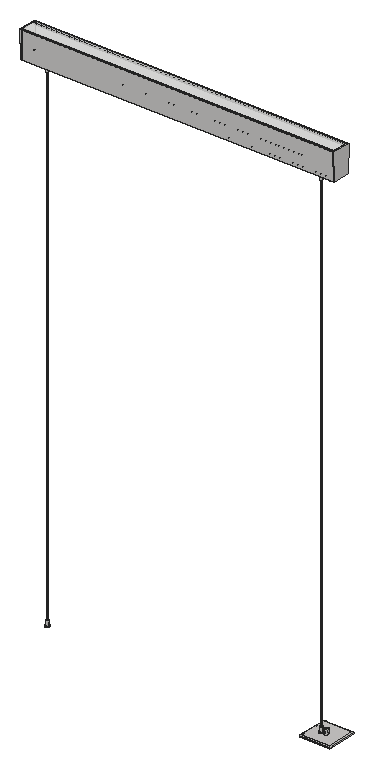
Revit family "CLighting-Luminii-Vesta_1_Direct", category Lighting Fixtures, host Face, Revit 2020
Family settings
  Host = Face
  Round Connector Dimension = Use Diameter
  Part Type = Normal
  OmniClass Number = 23.80.70.11.14.21
  OmniClass Title = Spots and Tracklight Specialties
  Cut with Voids When Loaded = No
  Light Source = Yes
  Shared = Yes
  Room Calculation Point = No
Parameters (values of type "45.5" (B)")
  Width = 2.55906"  # constant formula
  Wattage Comments = "3.8W"
  Wattage = 3.8 W
  Warranty URL = "https://www.luminii.com/terms-conditions/"
  built-in parameter 1150110 = 1 (stored number, unit not read)
  Voltage Comments = "120V | 277V | 347V"  # constant formula
  Voltage = 120 V
  Version = "2020 - v1.0a"  # constant formula
  URL = "https://www.luminii.com/"
  built-in parameter 1114217 = 1 (stored number, unit not read)
  Tilt Angle = 90.00°  # constant formula
  built-in parameter 1150109 = 1 (stored number, unit not read)
  built-in parameter 1150134 = (empty or 0)
  built-in parameter 1150113 = 1 (stored number, unit not read)
  Support Phone = "224-699-9545"  # constant formula
  Support Email = "mailto:support@bimsmith.com"
  Right Feed Point [instance] = yes
  Right Cap [instance] = yes
  Product Page URL = "https://www.luminii.com/product/vesta-1/"
  Power Source Type = "Driver"  # constant formula
  Power Factor = 1
  Photometric Web File = "354-90-4-35-0B-XX-00-04.ies"
  Phase = 1
  Operating Temperature = "Consult Manufacturer Website for more Information"  # constant formula
  Number of Poles = if(and(or(Voltage = 120 V, Voltage = 277 V), Phase = 1), 1, if(and(or(Voltage = 208 V, Voltage = 240 V), Phase = 1), 2, if(and(or(Voltage = 208 V, Voltage = 240 V), Phase = 3), 3, if(and(Voltage > 300 V, Phase = 1), 2, if(and(Voltage > 400 V, Phase = 3), 3, 1)))))  # 1
  Mounting Method = "Ceiling Mount"  # constant formula
  Model = "Consult Manufacturer Website for more Information"  # constant formula
  Manufacturer Phone Number = "403-216-7043"  # constant formula
  Manufacturer Email = "mailto: info@sensolighting.com"
  Manufacturer Address = "302 50 Ave SE. Calgary, Alberta, T2G 2A9 Canada"  # constant formula
  Manufacturer = "Luminii"  # constant formula
  built-in parameter 1150105 = 51.407 (stored number, unit not read)
  Lumens = 646 lm
  Luminaire Type = "Pendant Linear LED system"  # constant formula
  built-in parameter 1150115 = 1 (stored number, unit not read)
  Load Classification = Lighting
  built-in parameter 1150137 = (empty or 0)
  built-in parameter 1150139 = (empty or 0)
  Lens Material = Plastic - Luminii - Frosted Lens
  Length Comments [instance] = "Perfomance based on 1\" Photometric Web File"  # constant formula
  Length = if(Constraints = 1, 23", if(Constraints = 2, 45 1/2", if(Constraints = 3, 68", if(Constraints = 4, 90 1/2", if(Constraints = 5, 113", if(Constraints = 6, 135 1/2", 23"))))))  # 45 1/2"
  Left Feed Point [instance] = no
  Left Cap [instance] = yes
  built-in parameter 1150112 = 1 (stored number, unit not read)
  built-in parameter 1150114 = 1 (stored number, unit not read)
  Lamp Life = 1
  Lamp = "LED"  # constant formula
  Keynote = "26 50 00"
  built-in parameter 1150132 = (empty or 0)
  built-in parameter 1150102 = (empty or 0)
  built-in parameter 1150107 = 3500 (stored number, unit not read)
  Initial Color Comments = "Perfomance based on 3500K Photometric Web File"  # constant formula
  built-in parameter 1150138 = (empty or 0)
  built-in parameter 1150106 = 0.51407 (stored number, unit not read)
  Housing Protection Rating = "Consult Manufacturer Website for more Information"  # constant formula
  Has Dimming = 1 = 1  # yes
  Has Battery Backup = 0 = 1  # no
  Frequency Comments = ""  # constant formula
  Frequency = 60 Hz
  Finish = Metal - Luminii - Silver Anodized Aluminum
  Environment = "Indoor"  # constant formula
  Emit from Rectangle Width = Length  # 45 1/2"
  Emit from Rectangle Length = Width  # 2.55906"
  Emit Shape Visible in Rendering = no
  built-in parameter 1150104 = 15.794 (stored number, unit not read)
  Dimming Type = "Consult Manufacturer Website for more Information"  # constant formula
  Dimming Lamp Color Temperature Shift = <None>
  Description = "Suspended linear system"  # constant formula
  Depth = 3.97638"  # constant formula
  Default Elevation = 0"  # constant formula
  Current Amps = 50 A
  Copyright = "©2023 Luminii"  # constant formula
  Control Zone = "Consult Manufacturer Website for more Information"  # constant formula
  Control Type = "Consult Manufacturer Website for more Information"  # constant formula
  Constraints = 2
  Color Filter = 16777215
  built-in parameter 1114216 [instance] = 0  # (empty or 0)
  Canopy Finish = Metal - Luminii - Silver Anodized Aluminum
  built-in parameter 1140040 [instance] = 1 = 1  # 1
  CCT = "3500K"
  C Right Cable [instance] = not(Right Feed Point)  # no
  C Middle Cable [instance] = Constraints > 4  # no
  C Length Mid = Length / 2  # 22 3/4"
  C Left Cable [instance] = not(Left Feed Point)  # yes
  Desired Cable Length [instance] = 72"  # constant formula
  built-in parameter 1114218 = 1 (stored number, unit not read)
  built-in parameter 1150133 = 10 (stored number, unit not read)
  Assembly Code = "D5020230"
  Apparent Load = Wattage / Power Factor  # 3.8 VA
  C Actual Cable Length [instance] = if(Desired Cable Length < 60", 60" - 0.684", if(Desired Cable Length > 120" - 0.684", 120" - 0.684", Desired Cable Length - 0.684"))  # 71.316"
Types (6): name | Wattage Comments | Wattage | Photometric Web File | built-in parameter 1150105 | Lumens | Length | built-in parameter 1150106 | Emit from Rectangle Width | Constraints | C Middle Cable | C Length Mid | Apparent Load
  45.5" (B) | "3.8W" | 3.8 W | "354-90-4-35-0B-XX-00-04.ies" | 51.407 (stored number, unit not read) | 646 lm | 45 1/2" | 0.51407 (stored number, unit not read) | 45 1/2" | 2 | no | 22 3/4" | 3.8 VA
  68" (C) | "5.7W" | 5.7 W | "354-90-4-35-0B-XX-00-06.ies" | 77.111 (stored number, unit not read) | 969 lm | 68" | 0.77111 (stored number, unit not read) | 68" | 3 | no | 34" | 5.7 VA
  90.5" (D) | "9.4W" | 9.4 W | "354-90-4-35-0B-XX-00-08.ies" | 127.16 (stored number, unit not read) | 1598 lm | 90 1/2" | 1.2716 (stored number, unit not read) | 90 1/2" | 4 | no | 45 1/4" | 9.4 VA
  113" (E) | "12W" | 12 W | "354-90-4-35-0B-XX-00-08.ies" | 162.34 (stored number, unit not read) | 2040 lm | 113" | 1.6234 (stored number, unit not read) | 113" | 5 | yes | 56 1/2" | 12 VA
  135.5" (F) | "15W" | 15 W | "354-90-4-35-0B-XX-00-08.ies" | 202.92 (stored number, unit not read) | 2550 lm | 135 1/2" | 2.0292 (stored number, unit not read) | 135 1/2" | 6 | yes | 67 3/4" | 15 VA
  23'' (A) | "3.8W" | 3.8 W | "354-90-4-35-0B-XX-00-04.ies" | 51.407 (stored number, unit not read) | 646 lm | 23" | 0.51407 (stored number, unit not read) | 23" | 1 | no | 11 1/2" | 3.8 VA
Reference planes (in)
  plane 1 "Center (Front/Back)": y = 0
  plane 2: z = 0
  plane 3 "Center (Left/Right)": x = 0
  plane 4: x = -45.25
  plane 5: x = 45.25
  plane 6: y = 1.27953
  plane 7: y = -1.27953
  plane 8 "A": z = 77.52072
  plane 9: z = 32.5616
  plane 10: z = 71.316
  plane 11: z = 72.0015
  plane 12: x = -22.75
  plane 13: x = 22.75
  plane 14: x = 20
  plane 15: x = -20
Forms (in)
  Extrusion 1, solid, material "Metal - Luminii - Silver Anodized Aluminum", not visible
    sketch origin (0, 0, 0) x (1, 0, 0) y (0, 1, 0)
      loop
        circle (0, 0) r 0.5
    from 0 to -0.17225
Dimensions and locks (in)
  equal spacing: plane 4, plane 3 "Center (Left/Right)", plane 5
  equal spacing: plane 6, plane 1 "Center (Front/Back)", plane 7
  plane 4 to plane 5 = 90 1/2"
  "Width": plane 6 to plane 7
  "C Actual Cable Length": plane 10 to host face
  locked: plane 10 to plane 11 at 0.6855
  locked: plane 11 to plane 8 "A" at 5.51922
  equal spacing: plane 13, plane 3 "Center (Left/Right)", plane 12
  "Length": plane 13 to plane 12
  equal spacing: plane 13, nested 6, plane 12
  locked: plane 15 to plane 12 at 2.75
  locked: plane 14 to plane 13 at 2.75
  "C Length Mid": imposter light to plane 12
  aligned and locked: plane 2 to host face
  aligned and locked: plane 3 "Center (Left/Right)" to Extrusion 1 sketch curve
  aligned and locked: plane 1 "Center (Front/Back)" to Extrusion 1 sketch curve
  aligned and locked: plane 2 to Extrusion 1  (x2)
  aligned and locked: plane 1 "Center (Front/Back)" to nested 1
  aligned and locked: imposter light to plane 8 "A"
  aligned and locked: plane 1 "Center (Front/Back)" to nested 2
  aligned and locked: nested 3 to plane 15
  aligned and locked: nested 5 to plane 15
  aligned and locked: nested 2 to plane 14
  aligned and locked: nested 4 to plane 14
  aligned and locked: nested 1 to plane 12
  aligned and locked: plane 1 "Center (Front/Back)" to imposter light
Automatic sketch dimensions
  host sketch curve to host sketch curve = 96"  (x2)
  radius of Extrusion 1 sketch curve = 1/2"
Nested families (in)
  nested 1: "Nested - Lamp" at (0, 0, 77.52072), type "Nested - Lamp"
  nested 2: "Nested - Hanging Wire B" at (20, 0, 0), visible <- "Right Feed Point", type "Default"
    with Suspension Length 71.316"
  nested 3: "Nested - Hanging Wire B" at (-20, 0, 0) x (-1, 0, 0) z (0, 0, 1), visible <- "Left Feed Point", type "Default"
    with Suspension Length 71.316"
  nested 4: "Nested - Hanging Wire A" at (20, 0, 0), visible <- "C Right Cable", type "Default"
    with Suspension Length 71.316"
  nested 5: "Nested - Hanging Wire A" at (-20, 0, 0) x (-1, 0, 0) z (0, 0, 1), visible <- "C Left Cable", type "Default"
    with Suspension Length 71.316"
  nested 6: "Nested - Hanging Wire A" at (0, 0, 0) x (-1, 0, 0) z (0, 0, 1), visible <- "C Middle Cable", type "Default"
    with Suspension Length 71.316"
Connectors (in)
  electrical at (0, 0, 0), driven by "Number of Poles", driven by "Load Classification", driven by "Voltage", driven by "Apparent Load", driven by "Power Factor"
    settings: on Extrusion 1, index 1, voltage 120 V, apparent load 3.8 VA, apparent load phase1 0 VA, apparent load phase2 0 VA, apparent load phase3 0 VA, power factor 1, load classification "Lighting", number of poles 1, system type 30, power factor state 1, is connector primary yes, connector utility no, sub classification motor no, connector description "Power Connection"
Definition of nested family "Nested - Lamp"
  Parameters (values of type "Nested - Lamp")
    Short Module = Constraints < 5  # yes
    Screen Material = none
    Right Feed = yes
    Right Cap = yes
    Long Module = not(Short Module)  # no
    Length = if(Constraints = 1, 23", if(Constraints = 2, 45 1/2", if(Constraints = 3, 68", if(Constraints = 4, 90 1/2", if(Constraints = 5, 113", if(Constraints = 6, 135 1/2", 23"))))))  # 45 1/2"
    Left Feed = no
    Left Cap = yes
    Finish = none
    Default Elevation = 48"
    Constraints = 2
  Reference planes (in)
    plane 1 "Center (Front/Back)": y = 0
    plane 2: z = 0
    plane 3 "Center (Left/Right)": x = 0
    plane 4: x = 22.75
    plane 5: x = -22.75
    plane 6: x = 22.90625
    plane 7: x = -22.90625
  Forms (in)
    Extrusion 1, solid
      sketch origin (0, 0, 0) x (1, 0, 0) y (0, 1, 0)
        loop
          line (-48, 48) -> (-48, -48) -> (48, -48) -> (48, 48) -> (-48, 48)
      from 0 to -12
    Extrusion 2, solid, material <- "Finish", visible <- "Right Cap"
      sketch origin (0, 0, 0) x (0, 1, 0) y (0, 0, 1)
        loop
          line (1.20151, -3.97546) -> (1.28, 0) -> (-1.28, 0) -> (-1.20151, -3.97546) -> (1.20151, -3.97546)
      from 22.75 to 22.90625
    Extrusion 3, solid, material <- "Finish", visible <- "Left Cap"
      sketch origin (0, 0, 0) x (0, 1, 0) y (0, 0, -1)
        loop
          line (1.20151, 3.97546) -> (-1.20151, 3.97546) -> (-1.28, 0) -> (1.28, 0) -> (1.20151, 3.97546)
      from 22.75 to 22.90625
    Extrusion 4, solid, material <- "Finish", detail levels medium+fine
      sketch origin (0, 0, 0) x (0, 1, 0) y (0, 0, 1)
        loop
          line (-1.28, 0) -> (-1.20151, -3.97546) -> (-1.14173, -3.97546) -> (-1.14173, -3.88491) -> (-1.07874, -3.82191) -> (-1.07874, -3.63298) -> (-1.12992, -3.58179) -> (-1.12992, -3.42034) -> (-0.8937, -3.42034) -> (-0.8937, -3.58373) -> (-0.94488, -3.63491) -> (-0.94488, -3.82191) -> (-0.88973, -3.87707) -> (-0.84649, -3.87707) -> (-0.80713, -3.8377) -> (-0.80713, -3.79042) -> (-0.88583, -3.79042) -> (-0.88583, -3.67231) -> (-0.81143, -3.61525) -> (-0.84826, -3.2648) -> (-0.80695, -3.22349) -> (-0.51772, -3.22349) -> (-0.51772, -3.16443) -> (0.51772, -3.16443) -> (0.51772, -3.22349) -> (0.80695, -3.22349) -> (0.84826, -3.2648) -> (0.81143, -3.61525) -> (0.88583, -3.67231) -> (0.88583, -3.79042) -> (0.80713, -3.79042) -> (0.80713, -3.8377) -> (0.84649, -3.87707) -> (0.88973, -3.87707) -> (0.94488, -3.82191) -> (0.94488, -3.63491) -> (0.8937, -3.58373) -> (0.8937, -3.42034) -> (1.12992, -3.42034) -> (1.12992, -3.58179) -> (1.07874, -3.63298) -> (1.07874, -3.82191) -> (1.14173, -3.88491) -> (1.14173, -3.97546) -> (1.20151, -3.97546) -> (1.28, 0) -> (1.19685, 0) -> (1.19685, -0.09357) -> (1.10039, -0.09357) -> (1.05776, -0.1362) -> (1.0689, -0.19199) -> (1.21825, -0.19199) -> (1.15453, -3.34947) -> (0.94516, -3.34947) -> (0.84055, -2.85735) -> (-0.84055, -2.85735) -> (-0.94516, -3.34947) -> (-1.15453, -3.34947) -> (-1.21825, -0.19199) -> (-1.0689, -0.19199) -> (-1.05776, -0.1362) -> (-1.10039, -0.09357) -> (-1.19685, -0.09357) -> (-1.19685, 0) -> (-1.28, 0)
      from -22.75 to 22.75
    Extrusion 5, solid, material <- "Screen Material", detail levels medium+fine
      sketch origin (0, 0, 0) x (0, 1, 0) y (0, 0, 1)
        loop
          arc (-1.14173, -0.01483) -> (-1.16957, -0.02636) -> (-1.1811, -0.0542) r 0.03937
          line (-1.1811, -0.0542) -> (-1.1811, -0.09357) -> (-1.04331, -0.09357) -> (-1.04331, -0.16922) -> (-1.13498, -0.26089) -> (-1.03421, -0.36166) -> (-0.99802, -0.32547) -> (-1.0626, -0.26089) -> (-0.99213, -0.19042) -> (-0.99213, -0.09357) -> (0.99213, -0.09357) -> (0.99213, -0.19042) -> (1.0626, -0.26089) -> (0.99802, -0.32547) -> (1.03421, -0.36166) -> (1.13498, -0.26089) -> (1.04331, -0.16922) -> (1.04331, -0.09357) -> (1.1811, -0.09357) -> (1.1811, -0.0542)
          arc (1.1811, -0.0542) -> (1.16957, -0.02636) -> (1.14173, -0.01483) r 0.03937
          line (1.14173, -0.01483) -> (-1.14173, -0.01483)
      from -22.75 to 22.75
    Extrusion 6, solid, material <- "Finish", visible <- "Left Feed"
      sketch origin (0, 0, 0) x (0, 1, 0) y (0, 0, 1)
        loop
          line (0.83465, -3.86522) -> (0.79317, -3.82374) -> (0.80709, -3.77664) -> (0.88583, -3.77664) -> (0.88583, -3.67625) -> (0.81733, -3.67625) -> (0.71965, -3.78648) -> (-0.71965, -3.78648) -> (-0.81733, -3.67625) -> (-0.88583, -3.67625) -> (-0.88583, -3.77664) -> (-0.80709, -3.77664) -> (-0.79317, -3.82374) -> (-0.83465, -3.86522) -> (0.83465, -3.86522)
      from -22.75 to -19.60039
    Revolve 7, solid, material <- "Finish", visible <- "Left Feed"
      sketch origin (0, 0, 0) x (1, 0, 0) y (0, 0, 1)
        loop
          line (-21.19525, -4.71168) -> (-21.07676, -3.98333) -> (-21.07676, -3.86522) -> (-21.37222, -3.86522) -> (-21.37222, -4.71168) -> (-21.19525, -4.71168)
        axis (-21.37222, -3.86522) -> (-21.37222, -4.71168)
      angle from 0 to 360
    Revolve 8, solid, material <- "Finish", visible <- "Left Feed"
      sketch origin (0, 0, 0) x (1, 0, 0) y (0, 0, 1)
        loop
          line (-19.98474, -5.51922) -> (-19.88554, -5.51922) -> (-19.88554, -5.08522) -> (-19.79709, -5.08522) -> (-19.79709, -3.86522) -> (-19.98474, -3.86522) -> (-19.98474, -5.51922)
        axis (-19.98474, -3.86522) -> (-19.98474, -5.51922)
      angle from 0 to 360
    Extrusion 9, solid, material <- "Finish", visible <- "Right Feed"
      sketch origin (0, 0, 0) x (0, 1, 0) y (0, 0, -1)
        loop
          line (0.83465, 3.86522) -> (-0.83465, 3.86522) -> (-0.79317, 3.82374) -> (-0.80709, 3.77664) -> (-0.88583, 3.77664) -> (-0.88583, 3.67625) -> (-0.81733, 3.67625) -> (-0.71965, 3.78648) -> (0.71965, 3.78648) -> (0.81733, 3.67625) -> (0.88583, 3.67625) -> (0.88583, 3.77664) -> (0.80709, 3.77664) -> (0.79317, 3.82374) -> (0.83465, 3.86522)
      from -22.75 to -19.60039
    Revolve 10, solid, material <- "Finish", visible <- "Right Feed"
      sketch origin (0, 0, 0) x (-1, 0, 0) y (0, 0, 1)
        loop
          line (-21.19525, -4.71168) -> (-21.07676, -3.98333) -> (-21.07676, -3.86522) -> (-21.37222, -3.86522) -> (-21.37222, -4.71168) -> (-21.19525, -4.71168)
        axis (-21.37222, -3.86522) -> (-21.37222, -4.71168)
      angle from 0 to 360
    Revolve 11, solid, material <- "Finish", visible <- "Right Feed"
      sketch origin (0, 0, 0) x (-1, 0, 0) y (0, 0, 1)
        loop
          line (-19.98474, -5.51922) -> (-19.88554, -5.51922) -> (-19.88554, -5.08522) -> (-19.79709, -5.08522) -> (-19.79709, -3.86522) -> (-19.98474, -3.86522) -> (-19.98474, -5.51922)
        axis (-19.98474, -3.86522) -> (-19.98474, -5.51922)
      angle from 0 to 360
    Extrusion 12, solid, material <- "Finish", detail levels coarse
      sketch origin (0, 0, 0) x (0, 1, 0) y (0, 0, 1)
        loop
          line (0.81143, -3.16443) -> (0.81143, -3.61525) -> (0.88583, -3.67231) -> (0.88583, -3.79042) -> (0.80713, -3.79042) -> (0.80713, -3.8377) -> (0.84649, -3.87707) -> (1.14173, -3.87707) -> (1.14173, -3.97546) -> (1.20151, -3.97546) -> (1.28, 0) -> (1.19685, 0) -> (1.19685, -0.09357) -> (1.0689, -0.09357) -> (1.0689, -0.19199) -> (1.21825, -0.19199) -> (1.16446, -2.85735) -> (-1.16446, -2.85735) -> (-1.21825, -0.19199) -> (-1.0689, -0.19199) -> (-1.0689, -0.09357) -> (-1.19685, -0.09357) -> (-1.19685, 0) -> (-1.28, 0) -> (-1.20151, -3.97546) -> (-1.14173, -3.97546) -> (-1.14173, -3.87707) -> (-0.84649, -3.87707) -> (-0.80713, -3.8377) -> (-0.80713, -3.79042) -> (-0.88583, -3.79042) -> (-0.88583, -3.67231) -> (-0.81143, -3.61525) -> (-0.81143, -3.16443) -> (0.81143, -3.16443)
      from -22.75 to 22.75
    Extrusion 13, solid, material <- "Screen Material", detail levels coarse
      sketch origin (0, 0, 0) x (0, 1, 0) y (0, 0, 1)
        loop
          line (-1.1811, -0.01483) -> (-1.1811, -0.09357) -> (1.1811, -0.09357) -> (1.1811, -0.01483) -> (-1.1811, -0.01483)
      from -22.75 to 22.75
  Dimensions and locks (in)
    locked: plane 7 to plane 5 at 0.15625
    locked: plane 4 to plane 6 at 0.15625
    equal spacing: plane 5, plane 3 "Center (Left/Right)", plane 4
    "Length": plane 5 to plane 4
    locked: plane 5 to Revolve 7 sketch curve at 1.37778
    plane 5 to Revolve 7 sketch curve to Revolve 7 sketch curve to Revolve 7 sketch curve = 1.37778" locked, 0.17696" locked, 0.11849" locked
    locked: plane 5 to Revolve 8 sketch curve at 2.76526
    plane 5 to Revolve 8 sketch curve to Revolve 8 sketch curve to Revolve 8 sketch curve = 2.76526" locked, 0.0992" locked, 0.08844" locked
    locked: plane 5 to Extrusion 6 at 3.14961
    locked: plane 4 to Revolve 10 sketch curve at 1.37778
    plane 4 to Revolve 10 sketch curve to Revolve 10 sketch curve to Revolve 10 sketch curve = 1.37778" locked, 0.17696" locked, 0.11849" locked
    locked: plane 4 to Revolve 11 sketch curve at 2.76526
    plane 4 to Revolve 11 sketch curve to Revolve 11 sketch curve to Revolve 11 sketch curve = 2.76526" locked, 0.0992" locked, 0.08844" locked
    locked: plane 4 to Extrusion 9 at 3.14961
    aligned and locked: plane 2 to Extrusion 1
    aligned and locked: level to Extrusion 1
    aligned and locked: Extrusion 2 to plane 4
    aligned and locked: plane 6 to Extrusion 2
    aligned and locked: Extrusion 3 to plane 7
    aligned and locked: plane 4 to Extrusion 4
    aligned and locked: plane 5 to Extrusion 4
    aligned and locked: plane 4 to Extrusion 5
    aligned and locked: plane 5 to Extrusion 5
    aligned and locked: plane 5 to Extrusion 6
    aligned and locked: plane 4 to Extrusion 9
    aligned and locked: plane 4 to Extrusion 13
    aligned and locked: plane 5 to Extrusion 13
    aligned and locked: plane 5 to Extrusion 12
    aligned and locked: plane 4 to Extrusion 12
    aligned and locked: Extrusion 3 to plane 5
  Automatic sketch dimensions
    Extrusion 1 sketch curve to Extrusion 1 sketch curve = 96"  (x2)
    Extrusion 2 sketch curve to level = 0"
    plane 1 "Center (Front/Back)" to Extrusion 2 sketch curve = 1.28"
    plane 1 "Center (Front/Back)" to Extrusion 2 sketch curve = 1.20151"
    Extrusion 2 sketch curve to plane 1 "Center (Front/Back)" = 1.20151"
    Extrusion 2 sketch curve to plane 1 "Center (Front/Back)" = 1.28"
    Extrusion 2 sketch curve to level = 3.97546"
    Extrusion 3 sketch curve to level = 0"
    plane 1 "Center (Front/Back)" to Extrusion 3 sketch curve = 1.28"
    plane 1 "Center (Front/Back)" to Extrusion 3 sketch curve = 1.20151"
    Extrusion 3 sketch curve to plane 1 "Center (Front/Back)" = 1.20151"
    Extrusion 3 sketch curve to plane 1 "Center (Front/Back)" = 1.28"
    Extrusion 3 sketch curve to level = 3.97546"
    Extrusion 4 sketch curve to level = 0"  (x2)
    plane 1 "Center (Front/Back)" to Extrusion 4 sketch curve = 1.28"
    Extrusion 4 sketch curve to Extrusion 4 sketch curve = 0.06175"
    plane 1 "Center (Front/Back)" to Extrusion 4 sketch curve = 1.20151"
    Extrusion 4 sketch curve to Extrusion 4 sketch curve = 0.0214"  (x2)
    Extrusion 4 sketch curve to Extrusion 4 sketch curve = 0.04698"
    Extrusion 4 sketch curve to Extrusion 4 sketch curve = 0.05978"  (x2)
    Extrusion 4 sketch curve to Extrusion 4 sketch curve = 0.0246"  (x2)
    Extrusion 4 sketch curve to Extrusion 4 sketch curve = 0"  (x11)
    Extrusion 4 sketch curve to Extrusion 4 sketch curve = 0.09646"  (x2)
    Extrusion 4 sketch curve to Extrusion 4 sketch curve = 0.05118"  (x7)
    Extrusion 4 sketch curve to Extrusion 4 sketch curve = 0.06299"  (x4)
    Extrusion 4 sketch curve to Extrusion 4 sketch curve = 0.0315"  (x3)
    Extrusion 4 sketch curve to level = 0.1362"  (x2)
    Extrusion 4 sketch curve to Extrusion 4 sketch curve = 0.01114"  (x2)
    Extrusion 4 sketch curve to Extrusion 4 sketch curve = 0.18477"
    Extrusion 4 sketch curve to Extrusion 4 sketch curve = 0.13386"  (x4)
    Extrusion 4 sketch curve to Extrusion 4 sketch curve = 0.05146"  (x2)
    Extrusion 4 sketch curve to Extrusion 4 sketch curve = 0.05515"  (x2)
    Extrusion 4 sketch curve to Extrusion 4 sketch curve = 0.05906"  (x6)
    Extrusion 4 sketch curve to Extrusion 4 sketch curve = 0.09689"
    Extrusion 4 sketch curve to Extrusion 4 sketch curve = 0.04324"  (x2)
    Extrusion 4 sketch curve to Extrusion 4 sketch curve = 0.00771"
    Extrusion 4 sketch curve to Extrusion 4 sketch curve = 0.08227"  (x2)
    Extrusion 4 sketch curve to Extrusion 4 sketch curve = 0.03936"  (x3)
    Extrusion 4 sketch curve to Extrusion 4 sketch curve = 0.04131"  (x4)
    Extrusion 4 sketch curve to Extrusion 4 sketch curve = 0.28923"  (x2)
    Extrusion 4 sketch curve to plane 1 "Center (Front/Back)" = 0.51772"
    Extrusion 4 sketch curve to Extrusion 4 sketch curve = 0.00018"
    Extrusion 4 sketch curve to Extrusion 4 sketch curve = 0.0043"
    Extrusion 4 sketch curve to Extrusion 4 sketch curve = 0.0336"
    Extrusion 4 sketch curve to Extrusion 4 sketch curve = 0.0787"
    Extrusion 4 sketch curve to Extrusion 4 sketch curve = 0.0744"
    Extrusion 4 sketch curve to Extrusion 4 sketch curve = 0.04544"
    Extrusion 4 sketch curve to plane 1 "Center (Front/Back)" = 1.05776"
    Extrusion 4 sketch curve to Extrusion 4 sketch curve = 0.04263"  (x3)
    Extrusion 4 sketch curve to Extrusion 4 sketch curve = 0.08315"
    Extrusion 4 sketch curve to Extrusion 4 sketch curve = 0.05579"  (x2)
    Extrusion 4 sketch curve to Extrusion 4 sketch curve = 2.66535"
    Extrusion 4 sketch curve to Extrusion 4 sketch curve = 0.30709"  (x2)
    Extrusion 4 sketch curve to Extrusion 4 sketch curve = 0.08467"  (x2)
    Extrusion 4 sketch curve to Extrusion 4 sketch curve = 0.07087"  (x4)
    Extrusion 4 sketch curve to Extrusion 4 sketch curve = 0.16145"  (x2)
    Extrusion 4 sketch curve to Extrusion 4 sketch curve = 0.16339"  (x2)
    Extrusion 4 sketch curve to Extrusion 4 sketch curve = 0.03152"  (x2)
    Extrusion 4 sketch curve to Extrusion 4 sketch curve = 0.0374"  (x2)
    Extrusion 4 sketch curve to Extrusion 4 sketch curve = 0.11811"  (x2)
    Extrusion 4 sketch curve to Extrusion 4 sketch curve = 0.04728"  (x2)
    Extrusion 4 sketch curve to Extrusion 4 sketch curve = 0.09055"  (x2)
    Extrusion 4 sketch curve to Extrusion 4 sketch curve = 0.09357"
    Extrusion 4 sketch curve to level = 0.09357"
    Extrusion 5 sketch curve to level = 0.09357"  (x2)
    plane 1 "Center (Front/Back)" to Extrusion 5 sketch curve = 1.1811"
    Extrusion 5 sketch curve to Extrusion 5 sketch curve = 0.03937"  (x3)
    Extrusion 5 sketch curve to level = 0.01483"  (x2)
    Extrusion 5 sketch curve to Extrusion 5 sketch curve = 0"  (x5)
    Extrusion 5 sketch curve to level = 0.26089"  (x4)
    Extrusion 5 sketch curve to Extrusion 5 sketch curve = 0.04612"
    Extrusion 5 sketch curve to Extrusion 5 sketch curve = 0.07238"  (x2)
    Extrusion 5 sketch curve to Extrusion 5 sketch curve = 0.09843"  (x2)
    Extrusion 5 sketch curve to level = 0.36166"  (x2)
    Extrusion 5 sketch curve to Extrusion 5 sketch curve = 0.02839"
    Extrusion 5 sketch curve to level = 0.32547"  (x2)
    Extrusion 5 sketch curve to Extrusion 5 sketch curve = 0.03619"  (x2)
    Extrusion 5 sketch curve to Extrusion 5 sketch curve = 0.05118"  (x2)
    Extrusion 5 sketch curve to plane 1 "Center (Front/Back)" = 0.99213"
    Extrusion 5 sketch curve to Extrusion 5 sketch curve = 0.00589"
    Extrusion 5 sketch curve to Extrusion 5 sketch curve = 0.06458"
    plane 1 "Center (Front/Back)" to Extrusion 6 sketch curve = 0.88583"
    Extrusion 6 sketch curve to Extrusion 6 sketch curve = 0.05118"
    Extrusion 6 sketch curve to Extrusion 6 sketch curve = 0.06849"
    Extrusion 6 sketch curve to Extrusion 6 sketch curve = 0.07874"  (x2)
    Extrusion 6 sketch curve to Extrusion 6 sketch curve = 0.01392"  (x2)
    Extrusion 6 sketch curve to Extrusion 6 sketch curve = 0.07352"  (x2)
    Extrusion 6 sketch curve to plane 1 "Center (Front/Back)" = 0.71965"
    Extrusion 6 sketch curve to Extrusion 6 sketch curve = 0.01025"
    Extrusion 6 sketch curve to Extrusion 6 sketch curve = 0.04148"  (x3)
    Extrusion 6 sketch curve to level = 3.86522"
    Extrusion 6 sketch curve to Extrusion 6 sketch curve = 0.03726"
    Extrusion 6 sketch curve to Extrusion 6 sketch curve = 0.0471"
    Extrusion 6 sketch curve to Extrusion 6 sketch curve = 0.08858"
    Extrusion 6 sketch curve to Extrusion 6 sketch curve = 0.10039"  (x2)
    Revolve 7 sketch curve to level = 4.71168"
    Revolve 7 sketch curve to Revolve 7 sketch curve = 0.72835"
    Revolve 7 sketch curve to Revolve 7 sketch curve = 0.11811"
    Revolve 7 sketch curve to Revolve 7 sketch curve = 0.17075"
    Revolve 7 sketch curve to Revolve 7 sketch curve = 0"
    Revolve 8 sketch curve to level = 5.51922"
    Revolve 8 sketch curve to Revolve 8 sketch curve = 0.434"
    Revolve 8 sketch curve to Revolve 8 sketch curve = 1.22"
    Revolve 8 sketch curve to Revolve 8 sketch curve = 0.33256"
    Revolve 8 sketch curve to Revolve 8 sketch curve = 0"
    plane 1 "Center (Front/Back)" to Extrusion 9 sketch curve = 0.88583"
    Extrusion 9 sketch curve to Extrusion 9 sketch curve = 0.05118"
    Extrusion 9 sketch curve to Extrusion 9 sketch curve = 0.06849"
    Extrusion 9 sketch curve to Extrusion 9 sketch curve = 0.07874"  (x2)
    Extrusion 9 sketch curve to Extrusion 9 sketch curve = 0.01392"  (x2)
    Extrusion 9 sketch curve to Extrusion 9 sketch curve = 0.07352"  (x2)
    Extrusion 9 sketch curve to plane 1 "Center (Front/Back)" = 0.71965"
    Extrusion 9 sketch curve to Extrusion 9 sketch curve = 0.01025"
    Extrusion 9 sketch curve to Extrusion 9 sketch curve = 0.04148"  (x2)
    Extrusion 9 sketch curve to level = 3.67625"
    Extrusion 9 sketch curve to Extrusion 9 sketch curve = 0"
    Extrusion 9 sketch curve to Extrusion 9 sketch curve = 0.10039"  (x2)
    Extrusion 9 sketch curve to Extrusion 9 sketch curve = 0.00984"
    Extrusion 9 sketch curve to Extrusion 9 sketch curve = 0.0471"  (x2)
    level to Revolve 10 sketch curve = 4.71168"
    Revolve 10 sketch curve to Revolve 10 sketch curve = 0.72835"
    Revolve 10 sketch curve to Revolve 10 sketch curve = 0.11811"
    Revolve 10 sketch curve to Revolve 10 sketch curve = 0.17075"
    Revolve 10 sketch curve to Revolve 10 sketch curve = 0"
    level to Revolve 11 sketch curve = 5.51922"
    Revolve 11 sketch curve to Revolve 11 sketch curve = 0.434"
    Revolve 11 sketch curve to Revolve 11 sketch curve = 1.22"
    Revolve 11 sketch curve to Revolve 11 sketch curve = 0.33256"
    Revolve 11 sketch curve to Revolve 11 sketch curve = 0"
    Extrusion 12 sketch curve to level = 0"  (x2)
    plane 1 "Center (Front/Back)" to Extrusion 12 sketch curve = 1.28"
    Extrusion 12 sketch curve to Extrusion 12 sketch curve = 0.06175"
    plane 1 "Center (Front/Back)" to Extrusion 12 sketch curve = 1.20151"
    Extrusion 12 sketch curve to Extrusion 12 sketch curve = 0.0214"  (x2)
    Extrusion 12 sketch curve to Extrusion 12 sketch curve = 0.03705"
    Extrusion 12 sketch curve to Extrusion 12 sketch curve = 0.05978"  (x2)
    Extrusion 12 sketch curve to Extrusion 12 sketch curve = 0.14935"
    Extrusion 12 sketch curve to Extrusion 12 sketch curve = 0.25591"  (x2)
    Extrusion 12 sketch curve to Extrusion 12 sketch curve = 0"  (x4)
    Extrusion 12 sketch curve to Extrusion 12 sketch curve = 0.03934"
    Extrusion 12 sketch curve to Extrusion 12 sketch curve = 0.0744"  (x2)
    Extrusion 12 sketch curve to Extrusion 12 sketch curve = 0.0787"  (x2)
    Extrusion 12 sketch curve to plane 1 "Center (Front/Back)" = 0.80713"
    Extrusion 12 sketch curve to Extrusion 12 sketch curve = 0.0043"
    Extrusion 12 sketch curve to Extrusion 12 sketch curve = 0.03936"  (x3)
    Extrusion 12 sketch curve to level = 0.19199"  (x2)
    Extrusion 12 sketch curve to plane 1 "Center (Front/Back)" = 1.0689"
    Extrusion 12 sketch curve to Extrusion 12 sketch curve = 0.35303"
    Extrusion 12 sketch curve to Extrusion 12 sketch curve = 0.12795"
    Extrusion 12 sketch curve to Extrusion 12 sketch curve = 0.08315"
    Extrusion 12 sketch curve to Extrusion 12 sketch curve = 2.66535"
    Extrusion 12 sketch curve to Extrusion 12 sketch curve = 0.30709"  (x2)
    Extrusion 12 sketch curve to Extrusion 12 sketch curve = 0.45082"
    Extrusion 12 sketch curve to Extrusion 12 sketch curve = 0.45081"
    Extrusion 12 sketch curve to Extrusion 12 sketch curve = 0.05706"  (x2)
    Extrusion 12 sketch curve to Extrusion 12 sketch curve = 0.11811"  (x2)
    Extrusion 12 sketch curve to Extrusion 12 sketch curve = 0.04728"  (x2)
    Extrusion 12 sketch curve to Extrusion 12 sketch curve = 0.09839"  (x2)
    Extrusion 12 sketch curve to level = 0.09357"  (x3)
    Extrusion 12 sketch curve to Extrusion 12 sketch curve = 0.09357"
    Extrusion 13 sketch curve to level = 0.09357"
    plane 1 "Center (Front/Back)" to Extrusion 13 sketch curve = 1.1811"
    Extrusion 13 sketch curve to plane 1 "Center (Front/Back)" = 1.1811"
    Extrusion 13 sketch curve to level = 0.01483"  (x2)
Definition of nested family "Nested - Hanging Wire B"
  Parameters (values of type "Default")
    Suspension Length = 94 43/256"
    Finish = none
    Default Elevation = 48"
  Reference planes (in)
    plane 1 "Center (Front/Back)": y = 0
    plane 2: z = 0
    plane 3 "Center (Left/Right)": x = 0
    plane 4: x = 0.02471
  Forms (in)
    Extrusion 1, solid
      sketch origin (0, 0, 0) x (1, 0, 0) y (0, 1, 0)
        loop
          line (-48, 48) -> (-48, -48) -> (48, -48) -> (48, 48) -> (-48, 48)
      from 0 to -12
    Revolve 2, solid, material <- "Finish"
      sketch origin (0, 0, 0) x (1, 0, 0) y (0, 0, 1)
        loop
          line (0, 0.2) -> (0, 0.8275) -> (-0.19748, 0.8275) -> (-0.19748, 0.258) -> (-0.31506, 0.258) -> (-0.31506, 0.2) -> (0, 0.2)
        axis (0, 0.8275) -> (0, 0.2)
      angle from 0 to 360
    Extrusion 3, solid, material <- "Finish"
      sketch origin (0, 0, 0) x (1, 0, 0) y (0, 1, 0)
        loop
          circle (0, 0) r 0.03074
      from 0.8275 to 94.85347
    Sweep 4, solid, material <- "Finish", detail levels fine
      path origin (0, 0, 0) x (1, 0, 0) y (0, 1, 0)
        loop
          line (-1.425, -2.175) -> (2.925, -2.175) -> (2.925, 2.175) -> (-1.425, 2.175) -> (-1.425, -2.175)
      profile origin (-1.425, 0, 0) x (-1, 0, 0) y (0, 0, 1)
        loop
          line (-0.0641, 0.1359) -> (-0.0641, 0) -> (0, 0) -> (0, 0.1109)
          arc (0, 0.1109) -> (-0.0261, 0.1739) -> (-0.0891, 0.2) r 0.0891
          line (-0.0891, 0.2) -> (-0.15251, 0.2) -> (-0.15251, 0.1359) -> (-0.0641, 0.1359)
    Revolve 5, solid, material <- "Finish", detail levels fine
      sketch origin (0, 0, 0) x (1, 0, 0) y (0, 0, 1)
        loop
          line (1.005, 0.87) -> (0.8967, 0.87) -> (0.8967, 0.2) -> (1.005, 0.2) -> (1.005, 0.87)
        axis (0.75, 0.2) -> (0.75, 0.87)
      angle from 0 to 360
    Extrusion 6, solid, material <- "Finish", detail levels fine
      sketch origin (1.04622, 0, 0.6825) x (0, 1, 0) y (0, 0, 1)
        loop
          circle (0, 0) r 0.11922
        loop
          line (-0.075, 0.026) -> (-0.075, -0.026) -> (0.075, -0.026) -> (0.075, 0.026) -> (-0.075, 0.026)
      from -0.08827 to 0
    Extrusion 7, solid, material <- "Finish", detail levels fine
      sketch origin (0, 0, 0) x (1, 0, 0) y (0, 1, 0)
        loop
          line (-1.27249, -2.02249) -> (2.77249, -2.02249) -> (2.77249, 2.02249) -> (-1.27249, 2.02249) -> (-1.27249, -2.02249)
      from 0.1359 to 0.2
    Extrusion 8, solid, material <- "Finish", detail levels coarse
      sketch origin (0, 0, 0) x (1, 0, 0) y (0, 1, 0)
        loop
          line (2.92619, -2.17622) -> (2.92619, 2.175) -> (-1.425, 2.175) -> (-1.425, -2.17622) -> (2.92619, -2.17622)
      from 0 to 0.2
  Cuts and joins
    joined: Sweep 4, Extrusion 7
    joined: Revolve 5, Extrusion 6
  Lines and regions (in)
    reference lines
      curve 1: line (-0.41488, 0, 0.8275) -> (0.54788, 0, 0.8275)
      curve 2: line (-6.46648, 0, 94.99547) -> (8.03352, 0, 94.99547)
      curve 3: line (0, 2.19112, 94.85347) -> (0, -1.97218, 94.85347)
      curve 4: line (0, -1.63838, 0.6855) -> (0, 1.61162, 0.6855)
  Dimensions and locks (in)
    "Suspension Length": curve 2 to curve 1
    "Suspension Length": curve 3 to curve 4
    aligned and locked: plane 2 to Extrusion 1
    aligned and locked: level to Extrusion 1
    aligned and locked: curve 1 to Extrusion 3
    aligned and locked: Extrusion 3 to curve 3
  Automatic sketch dimensions
    Extrusion 1 sketch curve to Extrusion 1 sketch curve = 96"  (x2)
    plane 1 "Center (Front/Back)" to Extrusion 3 sketch curve = 0"
    Extrusion 3 sketch curve to plane 3 "Center (Left/Right)" = 0"
    Revolve 2 sketch curve to plane 3 "Center (Left/Right)" = 0"  (x2)
    Revolve 2 sketch curve to Revolve 2 sketch curve = 0.19748"
    Revolve 2 sketch curve to Revolve 2 sketch curve = 0.11758"
    level to Revolve 2 sketch curve = 0.2"
    Revolve 2 sketch curve to Revolve 2 sketch curve = 0.058"
    Revolve 2 sketch curve to Revolve 2 sketch curve = 0.5695"
    Revolve 2 sketch curve to level = 24"
    Revolve 2 sketch curve to Revolve 2 sketch curve = 101.89132"
    Sweep 4 sketch curve to plane 3 "Center (Left/Right)" = 1.425"
    plane 1 "Center (Front/Back)" to Sweep 4 sketch curve = 2.175"
    plane 4 to Sweep 4 sketch curve = 2.90029"
    Sweep 4 sketch curve to plane 1 "Center (Front/Back)" = 2.175"
    Sweep 4 sketch curve to level = 0"
    Sweep 4 sketch curve to profile plane = 0"
    profile plane to Sweep 4 sketch curve = 0.0641"
    Sweep 4 sketch curve to Sweep 4 sketch curve = 0.025"
    Sweep 4 sketch curve to Sweep 4 sketch curve = 0.06341"
    level to Sweep 4 sketch curve = 0.1109"
    Sweep 4 sketch curve to Sweep 4 sketch curve = 0.0641"
    plane 4 to Revolve 5 sketch curve = 0.87198"
    Revolve 5 sketch curve to Revolve 5 sketch curve = 0.1083"
    level to Revolve 5 sketch curve = 0.2"
    Revolve 5 sketch curve to Revolve 5 sketch curve = 0.67"
    Revolve 5 sketch curve to Revolve 5 sketch curve = 0.1467"
    Revolve 5 sketch curve to Revolve 5 sketch curve = 0"
    Revolve 5 sketch curve to Revolve 5 sketch curve = 0.15134"
    Extrusion 6 sketch curve to plane 1 "Center (Front/Back)" = 0"
    plane 1 "Center (Front/Back)" to Extrusion 6 sketch curve = 0.075"
    Extrusion 6 sketch curve to plane 1 "Center (Front/Back)" = 0.075"
    level to Extrusion 6 sketch curve = 0.6565"
    Extrusion 6 sketch curve to Extrusion 6 sketch curve = 0.026"
    Extrusion 6 sketch curve to Extrusion 6 sketch curve = 0.052"
    Extrusion 7 sketch curve to plane 3 "Center (Left/Right)" = 1.27249"
    plane 4 to Extrusion 7 sketch curve = 2.74778"
    plane 1 "Center (Front/Back)" to Extrusion 7 sketch curve = 2.02249"
    Extrusion 7 sketch curve to plane 1 "Center (Front/Back)" = 2.02249"
    Extrusion 8 sketch curve to plane 3 "Center (Left/Right)" = 1.425"
    plane 4 to Extrusion 8 sketch curve = 2.90147"
    plane 1 "Center (Front/Back)" to Extrusion 8 sketch curve = 2.17622"
    Extrusion 8 sketch curve to plane 1 "Center (Front/Back)" = 2.175"
    curve 2 to plane 3 "Center (Left/Right)" = 6.46648"
    level to curve 1 = 0.8275"
    curve 1 to plane 3 "Center (Left/Right)" = 0.41488"
    plane 4 to curve 1 = 0.52316"
    plane 4 to curve 2 = 8.00881"
    plane 1 "Center (Front/Back)" to curve 3 = 1.97218"
    level to curve 4 = 0.6855"
    plane 1 "Center (Front/Back)" to curve 4 = 1.63838"
    curve 4 to plane 1 "Center (Front/Back)" = 1.61162"
    curve 3 to plane 1 "Center (Front/Back)" = 2.19112"
    radius of Extrusion 3 sketch curve = 0.03074"
    radius of Extrusion 6 sketch curve = 0.11922"
Definition of nested family "Nested - Hanging Wire A"
  Parameters (values of type "Default")
    Suspension Length = 59.316"
    Finish = none
    Default Elevation = 48"
  Reference planes (in)
    plane 1 "Center (Front/Back)": y = 0
    plane 2: z = 0
    plane 3 "Center (Left/Right)": x = 0
  Forms (in)
    Extrusion 1, solid
      sketch origin (0, 0, 0) x (1, 0, 0) y (0, 1, 0)
        loop
          line (-48, 48) -> (-48, -48) -> (48, -48) -> (48, 48) -> (-48, 48)
      from 0 to -12
    Revolve 2, solid, material <- "Finish"
      sketch origin (0, 0, 0) x (1, 0, 0) y (0, 0, 1)
        loop
          line (0, 0) -> (0, 0.6855) -> (-0.19748, 0.6855) -> (-0.19748, 0.058) -> (-0.31506, 0.058) -> (-0.31506, 0) -> (0, 0)
        axis (0, 0.6855) -> (0, 0)
      angle from 0 to 360
    Extrusion 3, solid, material <- "Finish"
      sketch origin (0, 0, 0) x (1, 0, 0) y (0, 1, 0)
        loop
          circle (0, 0) r 0.03074
      from 0.6855 to 60.0015
    Extrusion 4, solid, material <- "Finish"
      sketch origin (0, 2.25497, 60.0015) x (0, -1, 0) y (0, 0, -1)
        loop
          line (1.42033, -1.654) -> (1.46181, -1.69548) -> (1.44789, -1.74258) -> (1.36915, -1.74258) -> (1.36915, -1.84298) -> (1.43764, -1.84298) -> (1.53532, -1.73274) -> (2.97463, -1.73274) -> (3.07231, -1.84298) -> (3.1408, -1.84298) -> (3.1408, -1.74258) -> (3.06206, -1.74258) -> (3.04814, -1.69548) -> (3.08962, -1.654) -> (1.42033, -1.654)
      from -0.38435 to 2.76526
    Revolve 5, solid, material <- "Finish"
      sketch origin (19.98474, 0, 65.52072) x (1, 0, 0) y (0, 0, 1)
        loop
          line (-19.98474, -5.51922) -> (-19.88554, -5.51922) -> (-19.88554, -5.08522) -> (-19.79709, -5.08522) -> (-19.79709, -3.86522) -> (-19.98474, -3.86522) -> (-19.98474, -5.51922)
        axis (-19.98474, -3.86522) -> (-19.98474, -5.51922)
      angle from 0 to 360
  Lines and regions (in)
    reference lines
      curve 1: line (-0.41488, 0, 0.6855) -> (0.54788, 0, 0.6855)
      curve 2: line (-6.46648, 0, 60.0015) -> (8.03352, 0, 60.0015)
      curve 3: line (0, 2.25497, 60.0015) -> (0, -1.90833, 60.0015)
      curve 4: line (0, -1.63838, 0.6855) -> (0, 1.61162, 0.6855)
    model lines
      curve 5: line (0, 0, 60.0015) -> (0, 0, 59.0015)
  Dimensions and locks (in)
    locked: curve 1 to level at 0.6855
    "Suspension Length": curve 2 to curve 1
    locked: curve 4 to Extrusion 1 at 0.6855
    "Suspension Length": curve 3 to curve 4
    curve 2 to Revolve 5 sketch curve to Revolve 5 sketch curve = 0.434" locked, 1.22" locked
    aligned and locked: plane 2 to Extrusion 1
    aligned and locked: level to Extrusion 1
    aligned and locked: curve 1 to Extrusion 3
    aligned and locked: Extrusion 3 to curve 2
    aligned and locked: curve 2 to Revolve 5 sketch curve
  Automatic sketch dimensions
    Extrusion 1 sketch curve to Extrusion 1 sketch curve = 96"  (x2)
    Revolve 2 sketch curve to level = 0"
    Revolve 2 sketch curve to plane 3 "Center (Left/Right)" = 0"  (x2)
    Revolve 2 sketch curve to Revolve 2 sketch curve = 0.19748"
    level to Revolve 2 sketch curve = 0.058"
    Revolve 2 sketch curve to Revolve 2 sketch curve = 0.11758"
    Revolve 2 sketch curve to Revolve 2 sketch curve = 0.62751"
    Revolve 2 sketch curve to level = 24"
    Revolve 2 sketch curve to Revolve 2 sketch curve = 102.03332"
    plane 1 "Center (Front/Back)" to Extrusion 3 sketch curve = 0"
    Extrusion 3 sketch curve to plane 3 "Center (Left/Right)" = 0"
    plane 3 "Center (Left/Right)" to Revolve 5 sketch curve = 0"
    Revolve 5 sketch curve to Revolve 5 sketch curve = 0"  (x2)
    Revolve 5 sketch curve to Revolve 5 sketch curve = 0.33256"
    curve 3 to Extrusion 4 sketch curve = 1.36915"
    Extrusion 4 sketch curve to Extrusion 4 sketch curve = 0.05118"
    Extrusion 4 sketch curve to Extrusion 4 sketch curve = 0.06849"
    Extrusion 4 sketch curve to Extrusion 4 sketch curve = 0.07874"  (x2)
    Extrusion 4 sketch curve to Extrusion 4 sketch curve = 0.01392"  (x2)
    Extrusion 4 sketch curve to Extrusion 4 sketch curve = 0.07352"  (x2)
    Extrusion 4 sketch curve to curve 3 = 1.18868"
    Extrusion 4 sketch curve to Extrusion 4 sketch curve = 0.01025"
    Extrusion 4 sketch curve to Extrusion 4 sketch curve = 0.04148"  (x2)
    Extrusion 4 sketch curve to curve 3 = 1.84298"  (x2)
    Extrusion 4 sketch curve to Extrusion 4 sketch curve = 0.10039"  (x2)
    Extrusion 4 sketch curve to Extrusion 4 sketch curve = 0.00984"
    Extrusion 4 sketch curve to Extrusion 4 sketch curve = 0.0471"  (x2)
    plane 3 "Center (Left/Right)" to Revolve 5 sketch curve = 0.0992"
    Revolve 5 sketch curve to Revolve 5 sketch curve = 0.08844"
    curve 5 to plane 3 "Center (Left/Right)" = 0"
    curve 5 to curve 5 = 1"
    level to curve 5 = 60.0015"
    curve 2 to plane 3 "Center (Left/Right)" = 6.46648"
    curve 1 to plane 3 "Center (Left/Right)" = 0.41488"
    plane 3 "Center (Left/Right)" to curve 1 = 0.54788"
    plane 3 "Center (Left/Right)" to curve 2 = 8.03352"
    plane 1 "Center (Front/Back)" to curve 3 = 1.90833"
    plane 1 "Center (Front/Back)" to curve 4 = 1.63838"
    curve 4 to plane 1 "Center (Front/Back)" = 1.61162"
    curve 3 to plane 1 "Center (Front/Back)" = 2.25497"
    radius of Extrusion 3 sketch curve = 0.03074"
